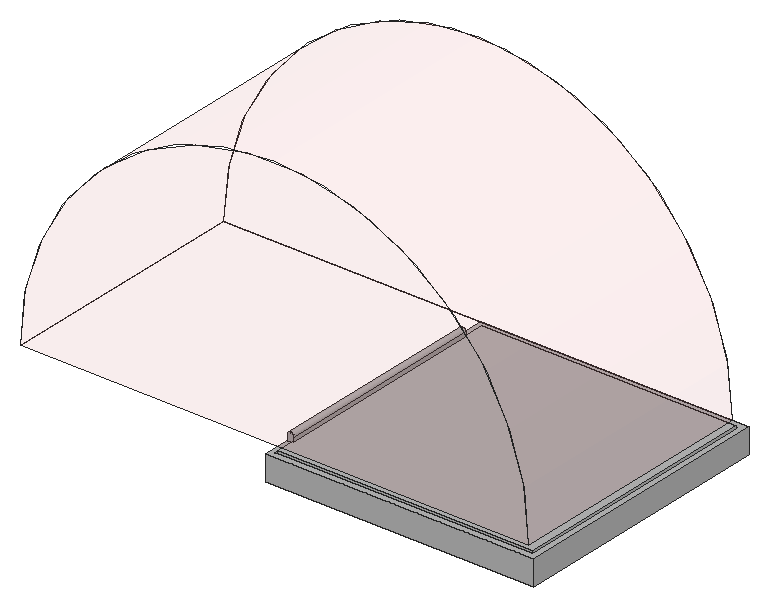
Revit family "Door_Access_Duct_Acudor_HD-5070", category Duct Accessories, Revit 2023
Family settings
  Round Connector Dimension = Use Diameter
  Part Type = Attaches To
  Work Plane-Based = Yes
  Always vertical = No
  Cut with Voids When Loaded = No
  Shared = No
Parameters (values of type "10 x 10 Nom")
  Warranty Duration (Years) = 0
  Unit Width = 0' - 10"
  Unit Weight = 2.75
  Unit Height = 0' - 10"
  Unit Depth = 0' - 1"
  URL = ""
  Swing Clearance Visible [instance] = yes
  Specification = ""
  SpecWizard = ""
  Send Message = ""
  Sales Information = ""
  Revision = "R1_01-2014"
  Product Properties = ""
  Product Data = ""
  Opening Width = 0' - 8 3/4"
  Opening Height = 0' - 8 3/4"
  Model = "HD-5070"
  Manufacturer Website = ""
  Manufacturer Phone - Toll Free = ""
  Manufacturer Phone = ""
  Manufacturer Fax = ""
  Manufacturer Address = ""
  Manufacturer = ""
  Maintenance Schedule (Months) = 0
  Keynote = ""
  Installation-Fabrication = ""
  Installation Phase = ""
  Green Building-LEED = ""
  Fixture Finish [instance] = Metal - Acudor - Steel
  Expected Lifespan (Years) = 0
  Drawn By = "Sumex Design, Inc. / Robert S. Weygant, CSI, CDT, SCIP"
  Door Width = Unit Width - 0' 0 1/2"  # 0' - 9 1/2"
  Door Height = Unit Height - 0' 0 1/2"  # 0' - 9 1/2"
  Description = "Acudor Duct Access Door - HD-5070 as Specified"
  Default Elevation = 0' - 0"
  Copyright = "©Arcat Inc."
  Construction Details = ""
  Clearance Material [instance] = ARCAT Clearance
  Assembly Code = ""
Types (9): name | Unit Width | Unit Weight | Unit Height | Opening Width | Opening Height | Door Width | Door Height
  24 x 24 Nom | 2' - 0" | 12 | 2' - 0" | 1' - 10 3/4" | 1' - 10 3/4" | 1' - 11 1/2" | 1' - 11 1/2"
  20 x 20 Nom | 1' - 8" | 9 | 1' - 8" | 1' - 6 3/4" | 1' - 6 3/4" | 1' - 7 1/2" | 1' - 7 1/2"
  18 x 18 Nom | 1' - 6" | 6.75 | 1' - 6" | 1' - 4 3/4" | 1' - 4 3/4" | 1' - 5 1/2" | 1' - 5 1/2"
  16 x 16 Nom | 1' - 4" | 5.25 | 1' - 4" | 1' - 2 3/4" | 1' - 2 3/4" | 1' - 3 1/2" | 1' - 3 1/2"
  14 x 14 Nom | 1' - 2" | 4.75 | 1' - 2" | 1' - 0 3/4" | 1' - 0 3/4" | 1' - 1 1/2" | 1' - 1 1/2"
  12 x 12 Nom | 1' - 0" | 3.75 | 1' - 0" | 0' - 10 3/4" | 0' - 10 3/4" | 0' - 11 1/2" | 0' - 11 1/2"
  10 x 10 Nom | 0' - 10" | 2.75 | 0' - 10" | 0' - 8 3/4" | 0' - 8 3/4" | 0' - 9 1/2" | 0' - 9 1/2"
  8 x 8 Nom | 0' - 8" | 1.75 | 0' - 8" | 0' - 6 3/4" | 0' - 6 3/4" | 0' - 7 1/2" | 0' - 7 1/2"
  6 x 6 Nom | 0' - 6" | 1.25 | 0' - 6" | 0' - 4 3/4" | 0' - 4 3/4" | 0' - 5 1/2" | 0' - 5 1/2"
Reference planes (in)
  plane 1 "Center (Front/Back)": y = 0
  plane 2 "Bottom": z = 0
  plane 3 "Center (Left/Right)": x = 0
  plane 4 "Front": y = -5
  plane 5 "Back": y = 5
  plane 6 "Left": x = -5
  plane 7 "Right": x = 5
  plane 8 "Top": z = 1
  plane 9: y = 4
  plane 10: y = -4
  plane 11: x = 4.75
  plane 12: y = 4.75
  plane 13: x = -4.75
  plane 14: y = -4.75
Forms (in)
  Extrusion 1, solid, material "Metal - Acudor - Steel" <- "Fixture Finish"
    sketch origin (0, 0, 0) x (1, 0, 0) y (0, 1, 0)
      loop
        line (-5, 5) -> (-5, -5) -> (5, -5) -> (5, 5) -> (-5, 5)
      loop
        line (-4.8125, -4.8125) -> (4.8125, -4.8125) -> (4.8125, 4.8125) -> (-4.8125, 4.8125) -> (-4.8125, -4.8125)
    from 0 to 0.9375
  Extrusion 2, solid, material "Metal - Acudor - Steel" <- "Fixture Finish"
    sketch origin (0, 0, 0) x (1, 0, 0) y (0, 1, 0)
      loop
        line (-4.75, 4.75) -> (-4.75, -4.75) -> (4.75, -4.75) -> (4.75, 4.75) -> (-4.75, 4.75)
    from 0.08411 to 1
  Extrusion 3, solid, material "Metal - Acudor - Steel" <- "Fixture Finish"
    sketch origin (0, 0, 0) x (1, 0, 0) y (0, 1, 0)
      loop
        line (-5, 5) -> (-5, -5) -> (5, -5) -> (5, 5) -> (-5, 5)
    from 0 to 0.08411
  Extrusion 4, solid, material "Metal - Acudor - Steel" <- "Fixture Finish"
    sketch origin (0, 0, 0) x (1, 0, 0) y (0, 0, 1)
      loop
        arc (-4.75, 1.125) -> (-4.875, 1.25) -> (-5, 1.125) r 0.125
        line (-5, 1.125) -> (-5, 0.9375) -> (-4.75, 0.9375) -> (-4.75, 1.125)
    from -4 to 4
  Extrusion 5, solid, material "ARCAT Clearance" <- "Clearance Material", visible <- "Swing Clearance Visible"
    sketch origin (0, 0, 0) x (1, 0, 0) y (0, 0, 1)
      loop
        line (-14.375, 1.125) -> (4.625, 1.125)
        arc (4.625, 1.125) -> (-4.875, 10.625) -> (-14.375, 1.125) r 9.5
    from -4.75 to 4.75
Cuts and joins
  joined: Extrusion 1, Extrusion 3
Lines and regions (in)
  model lines
    curve 1: line (4.75, 4.75, 1) -> (-4.75, 0, 1)
    curve 2: line (-4.75, 0, 1) -> (4.75, -4.75, 1)
Dimensions and locks (in)
  equal spacing: plane 6 "Left", plane 3 "Center (Left/Right)", plane 7 "Right"
  "Unit Width": plane 6 "Left" to plane 7 "Right"
  equal spacing: plane 5 "Back", plane 1 "Center (Front/Back)", plane 4 "Front"
  "Unit Height": plane 5 "Back" to plane 4 "Front"
  "Unit Depth": plane 8 "Top" to level
  locked: plane 5 "Back" to Extrusion 1 sketch curve at 0.1875
  locked: Extrusion 1 sketch curve to plane 4 "Front" at 0.1875
  locked: plane 6 "Left" to Extrusion 1 sketch curve at 0.1875
  locked: Extrusion 1 sketch curve to plane 7 "Right" at 0.1875
  locked: plane 5 "Back" to Extrusion 2 sketch curve at 0.25
  locked: Extrusion 2 sketch curve to plane 4 "Front" at 0.25
  locked: plane 6 "Left" to Extrusion 2 sketch curve at 0.25
  locked: Extrusion 2 sketch curve to plane 7 "Right" at 0.25
  locked: plane 5 "Back" to plane 9 at 1
  locked: plane 10 to plane 4 "Front" at 1
  Extrusion 4 sketch curve to Extrusion 4 sketch curve to plane 6 "Left" = 0' - 0 1/8" locked, 0' - 0 1/8" locked
  locked: plane 6 "Left" to plane 13 at 0.25
  locked: plane 11 to plane 7 "Right" at 0.25
  locked: plane 14 to plane 4 "Front" at 0.25
  locked: plane 5 "Back" to plane 12 at 0.25
  "Door Width": radius of Extrusion 5 sketch curve
  aligned and locked: Extrusion 1 sketch curve to plane 5 "Back"
  aligned and locked: plane 6 "Left" to Extrusion 1 sketch curve
  aligned and locked: plane 4 "Front" to Extrusion 1 sketch curve
  aligned and locked: Extrusion 1 sketch curve to plane 7 "Right"
  aligned and locked: Extrusion 3 sketch curve to Extrusion 1  (x4)
  aligned and locked: plane 9 to Extrusion 4
  aligned and locked: Extrusion 4 to plane 10
  aligned and locked: plane 12 to Extrusion 5
  aligned and locked: Extrusion 5 to plane 14
  aligned and locked: plane 1 "Center (Front/Back)" to curve 2
Automatic sketch dimensions
  Extrusion 4 sketch curve to plane 8 "Top" = 0' - 0 1/16"
  plane 8 "Top" to Extrusion 4 sketch curve = 0' - 0 1/8"
  Extrusion 4 sketch curve to Extrusion 4 sketch curve = 0' - 0"
  plane 6 "Left" to Extrusion 5 sketch curve = 0' - 0 1/8"
  plane 8 "Top" to Extrusion 5 sketch curve = 0' - 0 1/8"
  curve 2 to Extrusion 2 = 0' - 0"  (x2)
  Extrusion 2 to curve 2 = 0' - 0"
  curve 1 to Extrusion 2 = 0' - 0"  (x2)
